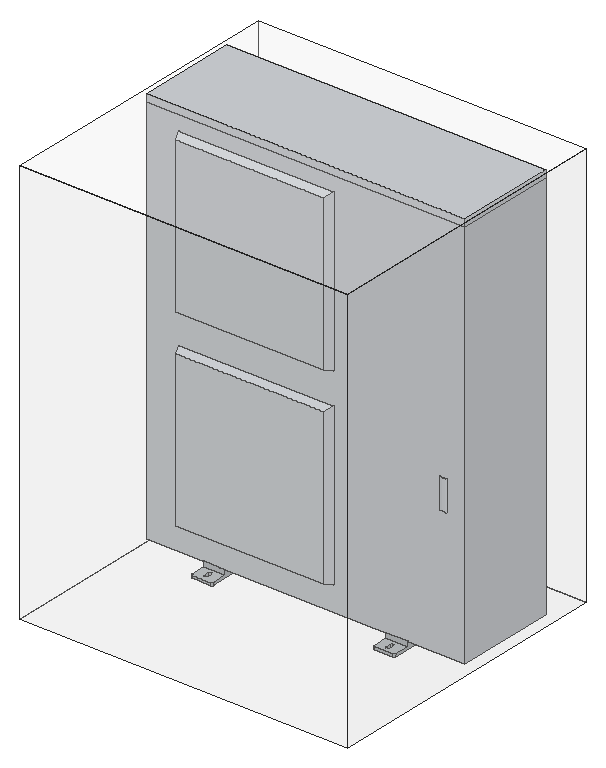
Revit family "puz-dhrmp80_140ka5_60hz", category 機械設備, Revit 2023 (continued)
Definition of nested family "PUZ-HDRMP-3"
  Dimensions and locks
    aligned and locked: curve 1 to plane 49
    aligned and locked: plane 49 to curve 19
    aligned and locked: curve 18 to plane 50
    aligned and locked: plane 50 to curve 2
    aligned and locked: plane 50 to curve 20
    aligned and locked: plane 57 to Extrusion 5 sketch curve
    aligned and locked: plane 53 to Extrusion 5 sketch curve
    aligned and locked: plane 58 to Extrusion 6 sketch curve
    aligned and locked: plane 56 to Extrusion 6 sketch curve
    aligned and locked: plane 61 to Extrusion 7 sketch curve
    aligned and locked: plane 54 to Extrusion 7 sketch curve
    aligned and locked: plane 55 to Extrusion 7
    aligned and locked: Extrusion 7 to plane 62
    aligned and locked: plane 64 to Extrusion 6
    aligned and locked: plane 63 to Extrusion 5
    aligned and locked: Extrusion 6 to plane 60
    aligned and locked: Extrusion 5 to plane 59
    aligned and locked: plane 66 to Extrusion 8 sketch curve
    aligned and locked: plane 65 to Extrusion 8 sketch curve
    aligned and locked: Extrusion 8 to plane 60
    aligned and locked: plane 64 to Extrusion 8
    aligned and locked: Blend 9 sketch curve to plane 71
    aligned and locked: Blend 9 sketch curve to plane 72
    aligned and locked: Blend 9 sketch curve to plane 42
    aligned and locked: Blend 9 sketch curve to plane 41
    aligned and locked: plane 45 to Blend 9 sketch curve
    aligned and locked: Blend 9 sketch curve to plane 46
    aligned and locked: Blend 9 sketch curve to plane 73
    aligned and locked: plane 74 to Blend 9 sketch curve
    aligned and locked: Blend 9 to plane 8
    aligned and locked: plane 38 to Blend 9
    aligned and locked: plane 22 to Extrusion 10 sketch curve
    aligned and locked: plane 21 to Extrusion 10 sketch curve
    aligned and locked: Extrusion 10 sketch curve to Extrusion 1  (x4)
    aligned and locked: Extrusion 10 sketch curve to plane 23
    aligned and locked: Extrusion 10 sketch curve to plane 20
    aligned and locked: plane 24 to Extrusion 10
    aligned and locked: Extrusion 10 to level
    aligned and locked: plane 25 to Extrusion 11
    aligned and locked: Extrusion 11 to plane 26
    aligned and locked: Masking region 1 sketch curve to Extrusion 3  (x4)
    aligned and locked: Masking region 1 sketch curve to cut or joined group of Extrusion 1, Extrusion 10  (x8)
    aligned and locked: Masking region 1 sketch curve to Blend 9  (x3)
    aligned and locked: plane 51 to Extrusion 11 sketch curve
    aligned and locked: plane 52 to Extrusion 11 sketch curve
    aligned and locked: plane 76 to Extrusion 11 sketch curve
    aligned and locked: plane 77 to Extrusion 11 sketch curve
    aligned and locked: plane 78 to Extrusion 11 sketch curve
    aligned and locked: plane 79 to Extrusion 11 sketch curve
    aligned and locked: plane 75 to Extrusion 11 sketch curve  (x4)
  Automatic sketch dimensions
    plane 7 to Extrusion 1 sketch curve = 0 mm  (x2)
    Extrusion 1 sketch curve to plane 18 = 0 mm
    plane 8 to Extrusion 1 sketch curve = 0 mm  (x2)
    Extrusion 1 sketch curve to plane 19 = 0 mm
    Extrusion 1 sketch curve to plane 20 = 0 mm
    Extrusion 1 sketch curve to plane 21 = 0 mm
    curve 187 to curve 188 = 40 mm
    curve 186 to curve 190 = 13.333 mm
    curve 190 to curve 190 = 40 mm
    curve 186 to curve 193 = 0 mm
    curve 186 to curve 188 = 40 mm
    curve 188 to curve 191 = 0 mm
    curve 179 to curve 180 = 40 mm
    curve 178 to curve 182 = 120 mm
    curve 182 to curve 182 = 40 mm
    curve 178 to curve 185 = 0 mm
    curve 178 to curve 180 = 40 mm
    curve 182 to curve 183 = 40 mm
    curve 25 to plane 45 = 0 mm
    curve 24 to plane 45 = 0 mm
    curve 22 to plane 45 = 0 mm
    curve 23 to plane 45 = 0 mm
    curve 26 to plane 45 = 0 mm
    curve 21 to plane 45 = 0 mm
    curve 24 to plane 46 = 0 mm
    curve 25 to plane 46 = 0 mm
    curve 26 to plane 46 = 0 mm
    curve 23 to plane 46 = 0 mm
    curve 22 to plane 46 = 0 mm
    curve 21 to plane 46 = 0 mm
    curve 37 to plane 48 = 0 mm
    curve 52 to plane 48 = 0 mm
    curve 51 to plane 48 = 0 mm
    curve 50 to plane 48 = 0 mm
    curve 49 to plane 48 = 0 mm
    curve 48 to plane 48 = 0 mm
    curve 47 to plane 48 = 0 mm
    curve 46 to plane 48 = 0 mm
    curve 45 to plane 48 = 0 mm
    curve 44 to plane 48 = 0 mm
    curve 43 to plane 48 = 0 mm
    curve 42 to plane 48 = 0 mm
    curve 41 to plane 48 = 0 mm
    curve 27 to plane 48 = 0 mm
    curve 28 to plane 48 = 0 mm
    curve 40 to plane 48 = 0 mm
    curve 39 to plane 48 = 0 mm
    curve 29 to plane 48 = 0 mm
    curve 38 to plane 48 = 0 mm
    curve 30 to plane 48 = 0 mm
    curve 53 to plane 48 = 0 mm
    curve 31 to plane 48 = 0 mm
    curve 36 to plane 48 = 0 mm
    curve 32 to plane 48 = 0 mm
    curve 35 to plane 48 = 0 mm
    curve 33 to plane 48 = 0 mm
    curve 34 to plane 48 = 0 mm
    curve 28 to plane 47 = 0 mm
    curve 41 to plane 47 = 0 mm
    curve 27 to plane 47 = 0 mm
    curve 42 to plane 47 = 0 mm
    curve 31 to plane 47 = 0 mm
    curve 40 to plane 47 = 0 mm
    curve 37 to plane 47 = 0 mm
    curve 39 to plane 47 = 0 mm
    curve 32 to plane 47 = 0 mm
    curve 45 to plane 47 = 0 mm
    curve 36 to plane 47 = 0 mm
    curve 46 to plane 47 = 0 mm
    curve 43 to plane 47 = 0 mm
    curve 47 to plane 47 = 0 mm
    curve 29 to plane 47 = 0 mm
    curve 48 to plane 47 = 0 mm
    curve 30 to plane 47 = 0 mm
    curve 49 to plane 47 = 0 mm
    curve 44 to plane 47 = 0 mm
    curve 50 to plane 47 = 0 mm
    curve 33 to plane 47 = 0 mm
    curve 51 to plane 47 = 0 mm
    curve 35 to plane 47 = 0 mm
    curve 52 to plane 47 = 0 mm
    curve 38 to plane 47 = 0 mm
    curve 53 to plane 47 = 0 mm
    curve 34 to plane 47 = 0 mm
    plane 13 to curve 304 = 138 mm
    curve 304 to plane 46 = 0 mm
    curve 307 to plane 45 = 0 mm
    curve 306 to plane 45 = 0 mm
    curve 303 to plane 45 = 0 mm
    curve 308 to plane 45 = 0 mm
    curve 303 to plane 46 = 0 mm
    curve 306 to plane 46 = 0 mm
    curve 307 to plane 46 = 0 mm
    curve 308 to plane 46 = 0 mm
    curve 309 to plane 45 = 0 mm
    curve 309 to plane 46 = 0 mm
    curve 305 to plane 74 = 0 mm
    curve 305 to plane 73 = 0 mm
    curve 310 to plane 74 = 0 mm
    curve 310 to plane 73 = 0 mm
    curve 311 to plane 73 = 0 mm
    curve 311 to plane 74 = 0 mm
    curve 312 to plane 74 = 0 mm
    curve 312 to plane 73 = 0 mm
    curve 313 to plane 74 = 0 mm
    curve 313 to plane 73 = 0 mm
    curve 314 to plane 73 = 0 mm
    curve 314 to plane 74 = 0 mm
    curve 315 to plane 74 = 0 mm
    curve 315 to plane 73 = 0 mm
    curve 316 to plane 73 = 0 mm
    curve 316 to plane 74 = 0 mm
    curve 317 to plane 74 = 0 mm
    curve 317 to plane 73 = 0 mm
    curve 318 to plane 74 = 0 mm
    curve 318 to plane 73 = 0 mm
    curve 319 to plane 74 = 0 mm
    curve 319 to plane 73 = 0 mm
    curve 320 to plane 74 = 0 mm
    curve 320 to plane 73 = 0 mm
    curve 321 to plane 74 = 0 mm
    curve 321 to plane 73 = 0 mm
    curve 322 to plane 73 = 0 mm
    curve 322 to plane 74 = 0 mm
    curve 323 to plane 73 = 0 mm
    curve 323 to plane 74 = 0 mm
    curve 324 to plane 73 = 0 mm
    curve 324 to plane 74 = 0 mm
    curve 325 to plane 74 = 0 mm
    curve 325 to plane 73 = 0 mm
    curve 326 to plane 74 = 0 mm
    curve 326 to plane 73 = 0 mm
    curve 327 to plane 74 = 0 mm
    curve 327 to plane 73 = 0 mm
    curve 328 to plane 74 = 0 mm
    curve 328 to plane 73 = 0 mm
    curve 329 to plane 74 = 0 mm
    curve 329 to plane 73 = 0 mm
    curve 330 to plane 74 = 0 mm
    curve 330 to plane 73 = 0 mm
    curve 331 to plane 74 = 0 mm
    curve 331 to plane 73 = 0 mm
    curve 332 to plane 73 = 0 mm
    curve 332 to plane 74 = 0 mm
    curve 333 to plane 74 = 0 mm
    curve 333 to plane 73 = 0 mm
    curve 334 to plane 73 = 0 mm
    curve 334 to plane 74 = 0 mm
    curve 335 to plane 74 = 0 mm
    curve 335 to plane 73 = 0 mm
    Extrusion 10 sketch curve to plane 18 = 0 mm  (x2)
    plane 8 to Extrusion 10 sketch curve = 0 mm
    plane 23 to Extrusion 10 sketch curve = 0 mm
    plane 22 to Extrusion 10 sketch curve = 0 mm  (x3)
    plane 16 to Extrusion 10 sketch curve = 0 mm  (x3)
    plane 17 to Extrusion 10 sketch curve = 0 mm  (x3)
    Extrusion 10 sketch curve to plane 15 = 0 mm  (x2)
    Extrusion 10 sketch curve to plane 19 = 0 mm  (x2)
    Extrusion 10 sketch curve to plane 14 = 0 mm  (x2)
    plane 7 to Extrusion 10 sketch curve = 0 mm
    Extrusion 10 sketch curve to plane 18 = 5 mm
    plane 15 to Extrusion 10 sketch curve = 6 mm  (x2)
    plane 19 to Extrusion 10 sketch curve = 5 mm
    Extrusion 10 sketch curve to plane 20 = 5 mm
    plane 14 to Extrusion 10 sketch curve = 6 mm  (x2)
    plane 21 to Extrusion 10 sketch curve = 5 mm
    plane 38 to Extrusion 10 sketch curve = 10 mm  (x2)
    plane 19 to Masking region 1 sketch curve = 0 mm
    plane 21 to Masking region 1 sketch curve = 0 mm
    plane 7 to Masking region 1 sketch curve = 0 mm  (x2)
    Masking region 1 sketch curve to plane 20 = 0 mm
    Masking region 1 sketch curve to plane 18 = 0 mm
    plane 8 to Masking region 1 sketch curve = 0 mm  (x2)
    plane 38 to Masking region 1 sketch curve = 0 mm
    curve 352 to plane 6 = 0 mm
    plane 7 to curve 352 = 0 mm
    curve 353 to plane 18 = 0 mm
    curve 348 to plane 18 = 0 mm
    plane 8 to curve 346 = 0 mm
    curve 354 to plane 19 = 0 mm
    curve 347 to plane 19 = 0 mm
    curve 345 to plane 41 = 0 mm
    plane 38 to curve 344 = 0 mm
    curve 344 to plane 46 = 0 mm
    curve 357 to plane 20 = 0 mm
    curve 343 to plane 20 = 0 mm
    curve 358 to plane 21 = 0 mm
    curve 341 to plane 21 = 0 mm
    curve 339 to plane 45 = 0 mm
    curve 339 to plane 42 = 0 mm
    curve 337 to plane 5 = 0 mm
    plane 22 to curve 354 = 0 mm
    plane 22 to curve 358 = 0 mm
    plane 23 to curve 342 = 0 mm
    plane 23 to curve 347 = 0 mm
    curve 11 to plane 65 = 6 mm
    plane 18 to curve 352 = 28.157 mm
    plane 15 to curve 346 = 0.043 mm
    plane 21 to curve 338 = 11.963 mm
    curve 336 to plane 21 = 9.073 mm
    curve 344 to plane 21 = 22.105 mm
    plane 28 to curve 3 = 5 mm
    curve 3 to plane 45 = 38 mm
    curve 1 to plane 45 = 38 mm
    curve 3 to curve 5 = 0 mm
    curve 4 to plane 29 = 5 mm
    curve 372 to plane 65 = 6 mm
    plane 65 to curve 376 = 9 mm
    curve 12 to plane 65 = 6 mm
    curve 20 to plane 53 = 4 mm
    curve 2 to curve 16 = 15 mm
    plane 51 to curve 15 = 5 mm
Definition of nested family "固定点"
  Parameters (values of type "固定点")
    Default Elevation = 0 mm
    中心円 = if(W > 599 mm, 12 mm, 10 mm)  # 12 mm
    W = 1000 mm
    D = 1000 mm
  Reference planes
    plane 1 "中心(正面/背面)": y = 0
    plane 2: z = 0
    plane 3 "中心(左/右)": x = 0
    plane 4: x = 1000
    plane 5: y = 1000
  Lines and regions (mm)
    symbolic lines, detail levels fine
      curve 1: circle (0, 1000, 0) r 6 normal (0, 0, 1)
      curve 2: circle (0, 0, 0) r 6 normal (0, 0, 1)
      curve 3: circle (1000, 1000, 0) r 6 normal (0, 0, 1)
      curve 4: circle (1000, 0, 0) r 6 normal (0, 0, 1)
      curve 5: line (-200, 1000, 0) -> (1200, 1000, 0)
      curve 6: line (-200, 0, 0) -> (1200, 0, 0)
      curve 7: line (0, 1200, 0) -> (0, -200, 0)
      curve 8: line (1000, 1200, 0) -> (1000, -200, 0)
  Dimensions and locks
    "W": plane 3 "中心(左/右)" to plane 4
    "D": plane 1 "中心(正面/背面)" to plane 5
    "中心円": diameter of curve 1
    "中心円": diameter of curve 2
    "中心円": diameter of curve 3
    "中心円": diameter of curve 4
    aligned and locked: level to plane 2
    aligned and locked: plane 5 to curve 1
    aligned and locked: plane 3 "中心(左/右)" to curve 1
    aligned and locked: plane 3 "中心(左/右)" to curve 2
    aligned and locked: plane 1 "中心(正面/背面)" to curve 2
    aligned and locked: plane 4 to curve 3
    aligned and locked: plane 5 to curve 3
    aligned and locked: plane 1 "中心(正面/背面)" to curve 4
    aligned and locked: plane 4 to curve 4
    aligned and locked: plane 1 "中心(正面/背面)" to curve 6
    aligned and locked: curve 7 to plane 3 "中心(左/右)"
    aligned and locked: curve 8 to plane 4
  Automatic sketch dimensions
    curve 5 to plane 5 = 0 mm
    curve 6 to plane 3 "中心(左/右)" = 200 mm
    curve 5 to plane 3 "中心(左/右)" = 200 mm
    curve 4 to curve 6 = 200 mm
    curve 3 to curve 5 = 200 mm
    plane 1 "中心(正面/背面)" to curve 8 = 200 mm
    plane 1 "中心(正面/背面)" to curve 7 = 200 mm
    curve 3 to curve 8 = 200 mm
    curve 1 to curve 7 = 200 mm
Types (9, lengths in mm): name | 音響パワーレベル_冷房 (dB) | 音響パワーレベル_暖房 (dB) | 音響パワーレベル(dB) | 電動機出力_圧縮機 | 消費電力_暖房 | 消費電力_冷房 | 消費電力 | 本体マテリアル | 暖房能力 | 推奨ブレーカー容量 | 冷房能力 | 冷媒管（ガス）位置Y | 冷媒管位置Y | モデル | URL
  PUZ-DHRMP80KA5 | 66 | 68 | 68 | 1.5 kW | 1.92 kW | 1.77 kW | 1.92 kW | Galvanized steel plate | 8 kW | 30 A | 7.1 kW | 274 | 282 | "PUZ-DHRMP80KA5" | "https://www.mitsubishielectric.co.jp/ldg/wink/qr/002/364558"
  PUZ-DHRMP112KA5 | 66 | 69 | 69 | 2.1 kW | 2.69 kW | 2.5 kW | 2.69 kW | none | 11.2 kW | 30 A | 10 kW | 234 | 262 | "PUZ-DHRMP112KA5" | "https://www.mitsubishielectric.co.jp/ldg/wink/qr/002/364561"
  PUZ-DHRMP140KA5 | 68 | 69 | 69 | 2.7 kW | 3.82 kW | 3.69 kW | 3.82 kW | none | 14 kW | 40 A | 12.5 kW | 234 | 262 | "PUZ-DHRMP140KA5" | "https://www.mitsubishielectric.co.jp/ldg/wink/qr/002/364564"
  PUZ-DHRMP80KA5-BS | 66 | 68 | 68 | 1.5 kW | 1.92 kW | 1.77 kW | 1.92 kW | none | 8 kW | 30 A | 7.1 kW | 274 | 282 | "PUZ-DHRMP80KA5-BS" | "https://www.mitsubishielectric.co.jp/ldg/wink/qr/002/364559"
  PUZ-DHRMP80KA5-BSG | 66 | 68 | 68 | 1.5 kW | 1.92 kW | 1.77 kW | 1.92 kW | Galvanized steel plate | 8 kW | 30 A | 7.1 kW | 274 | 282 | "PUZ-DHRMP80KA5-BSG" | "https://www.mitsubishielectric.co.jp/ldg/wink/qr/002/364560"
  PUZ-DHRMP140KA5-BS | 68 | 69 | 69 | 2.7 kW | 3.82 kW | 3.69 kW | 3.82 kW | none | 14 kW | 40 A | 12.5 kW | 234 | 262 | "PUZ-DHRMP140KA5-BS" | "https://www.mitsubishielectric.co.jp/ldg/wink/qr/002/364711"
  PUZ-DHRMP140KA5-BSG | 68 | 69 | 69 | 2.7 kW | 3.82 kW | 3.69 kW | 3.82 kW | none | 14 kW | 40 A | 12.5 kW | 234 | 262 | "PUZ-DHRMP140KA5-BSG" | "https://www.mitsubishielectric.co.jp/ldg/wink/qr/002/364565"
  PUZ-DHRMP112KA5-BS | 66 | 69 | 69 | 2.1 kW | 2.69 kW | 2.5 kW | 2.69 kW | none | 11.2 kW | 30 A | 10 kW | 234 | 262 | "PUZ-DHRMP112KA5-BS" | "https://www.mitsubishielectric.co.jp/ldg/wink/qr/002/364562"
  PUZ-DHRMP112KA5-BSG | 66 | 69 | 69 | 2.1 kW | 2.69 kW | 2.5 kW | 2.69 kW | none | 11.2 kW | 30 A | 10 kW | 234 | 262 | "PUZ-DHRMP112KA5-BSG" | "https://www.mitsubishielectric.co.jp/ldg/wink/qr/002/364563"
